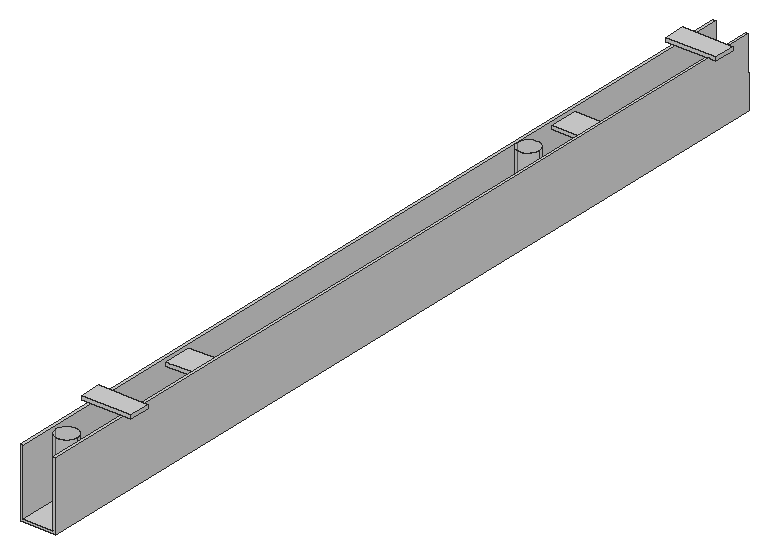
Revit family "ML_ML COMPENSATION 2''X4'_1920054", category Generic Models, Revit 2018
Family settings
  Can host rebar = No
  Round Connector Dimension = Use Diameter
  Part Type = Normal
  OmniClass Number = 35.51.14.00
  OmniClass Title = FORMWORK
  Work Plane-Based = Yes
  Always vertical = No
  Cut with Voids When Loaded = No
  Shared = Yes
  Room Calculation Point = No
Parameters
  VERSION = "20190101"  # constant formula
  URL = "www.ulmaconstruction.com/en"
  UNICLASS = ""
  ITEM_CODE = "1920054"
  Manufacturer = "ULMA CONSTRUCTION"  # constant formula
  FILTER [instance] = ""
  Default Elevation = 0"
  CLASSIFICATION_TITLE = ""
  CLASSIFICATION_NUMBER = ""
Reference planes (in)
  plane 1 "Centro (Frontal/Posterior)": y = 0
  plane 2: z = 0
  plane 3 "Centro (Izquierda/Derecha)": x = 0
  plane 4 "ITEM_HEIGHT": y = 48
  plane 5 "MIDDLE": x = 0.98425
  plane 6 "TIE 1": y = 2
  plane 7 "TIE 2": y = 34
  plane 8 "LATERAL HOLES": z = 1.5
Forms (in)
  Extrusion 1, solid, material "ULMA ZINC", detail levels fine
    sketch origin (0, 0, 0) x (1, 0, 0) y (0, 0, 1)
      loop
        line (0, 3.79921) -> (0, 0) -> (1.9685, 0) -> (1.9685, 3.79921) -> (1.81102, 3.79921) -> (1.81102, 0.15748) -> (0.15748, 0.15748) -> (0.15748, 3.79921) -> (0, 3.79921)
    from -48 to 0
  Extrusion 2, solid, material "ULMA ZINC", detail levels fine
    sketch origin (0, 0, 0) x (1, 0, 0) y (0, 1, 0)
      loop
        line (-0.3937, 5.90376) -> (-0.3937, 4.72266) -> (2.3622, 4.72266) -> (2.3622, 5.90376) -> (-0.3937, 5.90376)
    from 3.79921 to 3.99606
  Extrusion 3, solid, material "ULMA ZINC", detail levels fine
    sketch origin (0, 89, 0) x (1, 0, 0) y (0, 1, 0)
      loop
        line (-0.3937, -42.5748) -> (-0.3937, -43.75591) -> (2.3622, -43.75591) -> (2.3622, -42.5748) -> (-0.3937, -42.5748)
    from 3.79921 to 3.99606
  Extrusion 4, solid, material "ULMA ZINC", detail levels fine
    sketch origin (0, 0, 0) x (1, 0, 0) y (0, 1, 0)
      loop
        line (0.15748, 38.15683) -> (0.15748, 36.58203) -> (1.81102, 36.58203) -> (1.81102, 38.15683) -> (0.15748, 38.15683)
    from 3.44488 to 3.64173
  Extrusion 5, solid, material "ULMA ZINC", detail levels fine
    sketch origin (0, -47.1811, 0) x (1, 0, 0) y (0, 1, 0)
      loop
        line (0.15748, 58.59907) -> (0.15748, 57.02427) -> (1.81102, 57.02427) -> (1.81102, 58.59907) -> (0.15748, 58.59907)
    from 3.44488 to 3.64173
  Extrusion 6, solid, material "ULMA TRANSPARENT WHITE"
    sketch origin (1.73228, 0, 0.15748) x (-1, 0, 0) y (0, -1, 0)
      loop
        circle (0.74803, -2) r 0.61024
    from 0 to 3.64173
  Extrusion 7, solid, material "ULMA TRANSPARENT WHITE"
    sketch origin (1.73228, 0, 0.15748) x (-1, 0, 0) y (0, -1, 0)
      loop
        circle (0.74803, -34) r 0.61024
    from 0 to 3.83858
Lines and regions (in)
  model lines, style "ULMA PANELS", detail levels fine
    curve 1: circle (0, 6, 1.5) r 0.3937 normal (1, 0, 0)
    curve 6: circle (0, 18, 1.5) r 0.3937 normal (1, 0, 0)
    curve 7: circle (0, 30, 1.5) r 0.3937 normal (1, 0, 0)
    curve 8: circle (0, 42, 1.5) r 0.3937 normal (1, 0, 0)
    curve 9: circle (1.9685, 6, 1.5) r 0.3937 normal (1, 0, 0)
    curve 10: circle (1.9685, 18, 1.5) r 0.3937 normal (1, 0, 0)
    curve 11: circle (1.9685, 30, 1.5) r 0.3937 normal (1, 0, 0)
    curve 12: circle (1.9685, 42, 1.5) r 0.3937 normal (1, 0, 0)
    curve 14: circle (0.98425, 2, 0) r 0.61024 normal (0, 0, 1)
    curve 16: circle (0.98425, 2, 0.15748) r 0.61024 normal (0, 0, 1)
  model lines, style "ULMA PANELS", detail levels medium
    curve 2: line (0, 48, 0) -> (1.9685, 48, 0)
    curve 3: line (1.9685, 48, 0) -> (1.9685, 0, 0)
    curve 4: line (1.9685, 0, 0) -> (0, 0, 0)
    curve 5: line (0, 0, 0) -> (0, 48, 0)
  model lines, detail levels fine
    curve 13: circle (0.98425, 34, 0) r 0.61024 normal (0, 0, 1)
    curve 15: circle (0.98425, 34, 0.15748) r 0.61024 normal (0, 0, 1)
Dimensions and locks (in)
  locked: plane 1 "Centro (Frontal/Posterior)" to plane 4 "ITEM_HEIGHT" at 48
  locked: curve 1 to plane 1 "Centro (Frontal/Posterior)" at 6
  locked: Extrusion 2 sketch curve to Extrusion 2 sketch curve at 1.1811
  locked: Extrusion 3 sketch curve to Extrusion 3 sketch curve at 1.1811
  locked: Extrusion 4 sketch curve to Extrusion 4 sketch curve at 1.5748
  locked: Extrusion 5 sketch curve to Extrusion 5 sketch curve at 1.5748
  locked: plane 8 "LATERAL HOLES" to plane 2 at 1.5
  aligned and locked: level to plane 2
  aligned and locked: plane 4 "ITEM_HEIGHT" to Extrusion 1
